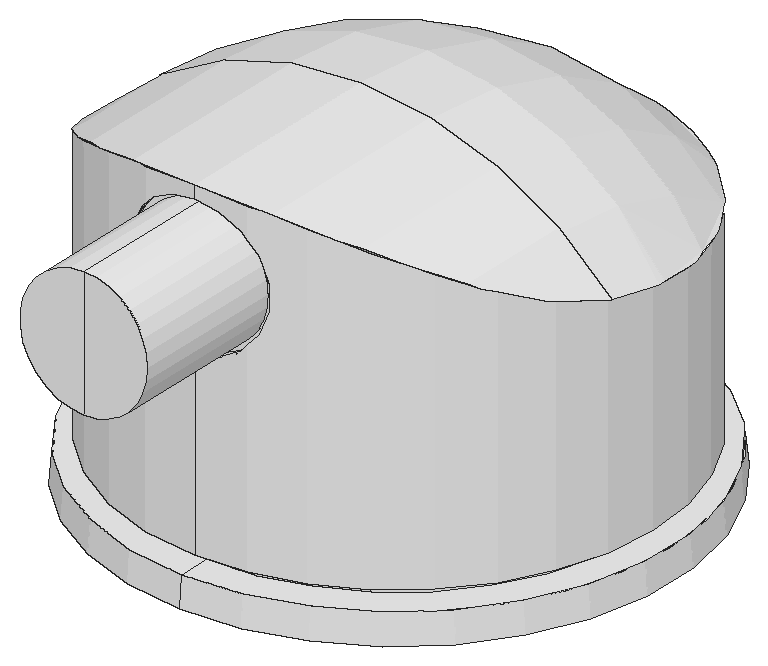
Revit family "Wall_Elbow-DXV-D35700035_Series", category Plumbing Fixtures, host Face, Revit 2014
Parameters (values of type "D35700035.100")
  Width = 1 7/8"  # constant formula
  Waste Connection = no
  Warranty Documentation Link = "https://www.dxv.com/-/media/files/dxv/warranty/dxv_warranty_booklet.ashx"
  WFU = 4  # constant formula
  Vent Connection = no
  URL = "https://www.dxv.com/"
  Type Comments = ""
  Tempered Water Connection Diameter = 1/2"  # constant formula
  Tempered Water Connection = yes
  Revised Date = "23/10/2017"  # constant formula
  Product Page URL = "https://www.dxv.com/product/round-wall-elbow-for-hand-showers-by-dxv"
  Product Documentation Link = "https://dxv01.blob.core.windows.net/dxv-product-pdf-files/spec_D35700035_DXV_rd_wall_elbow_EN.pdf"
  Price = "Prices may vary. Please consult Manufacturer Representative for most up-to-date price list."  # constant formula
  Model = "D35700035.100"
  Material = "Metal-DXV-100-Polished Chrome"
  Length = 2 7/16"  # constant formula
  Installation Type = "Wall Mounted"  # constant formula
  Height = 1 1/16"  # constant formula
  Finish = Metal-DXV-100-Polished Chrome
  Manufacturer = "DXV"  # constant formula
  HWFU = 3  # constant formula
  HW Connection = no
  Description = "Round Wall Elbow"  # constant formula
  Default Elevation = 54"  # constant formula
  Creation Date = "21/2/2014"  # constant formula
  CWFU = 3  # constant formula
  CW Connection = no
  Assembly Code = "D2010710"
Types (4): name | Model | Material | Finish
  (no name) | "D35700035.100" | "Metal-DXV-100-Polished Chrome" | Metal-DXV-100-Polished Chrome
  D35700035.100 | "D35700035.100" | "Metal-DXV-100-Polished Chrome" | Metal-DXV-100-Polished Chrome
  D35700035.144 | "D35700035.144" | "Metal-DXV-144-Brushed Nickel" | Metal-DXV-144-Brushed Nickel
  D35700035.150 | "D35700035.150" | "Metal-DXV-150-Platinum Nickel" | Metal-DXV-150-Platinum Nickel
Reference planes
  plane 1 "Center (Front/Back)": y = 0
  plane 2: z = 0
  plane 3 "Center (Left/Right)": x = 0
  plane 4: y = -36.513
  plane 5: z = 26.988
  plane 6: z = 32.941
  plane 7: z = 2.798
  plane 8: y = 25.4
  plane 9: x = -23.68
  plane 10: x = 23.945
  plane 11: z = 21.034
Forms (mm)
  Revolve 1, solid, material "Metal-DXV-100-Polished Chrome" <- "Finish"
    sketch origin (0, 844.162, -346.719) x (0, 1, 0) y (0, 0, 1)
      loop
        line (-844.162, 346.719) -> (-818.762, 346.719) -> (-818.999, 349.517) -> (-821.87, 349.517) -> (-821.87, 350.489) -> (-820.482, 350.489) -> (-820.482, 381.589) -> (-844.162, 381.589) -> (-844.162, 346.719)
      axis (-844.162, 381.589) -> (-844.162, 346.719)
    angle from 0 to 360
  Revolve 2, solid, material "Metal-DXV-100-Polished Chrome" <- "Finish"
    sketch origin (0, 844.162, -330.245) x (0, 1, 0) y (0, 0, 1)
      loop
        line (-852.077, 357.233) -> (-852.077, 363.186) -> (-880.675, 363.186) -> (-880.675, 357.233) -> (-852.077, 357.233)
      axis (-880.675, 357.233) -> (-852.077, 357.233)
    angle from 0 to 360
  Extrusion 3, solid
    sketch origin (133.35, -133.365, -1.588) x (1, 0, 0) y (0, 1, 0)
      loop
        circle (-133.35, 133.365) r 6.35
    from 0 to 1.588
  Extrusion 4, void
    sketch origin (0, -36.513, 26.987) x (0, 0, -1) y (-1, 0, 0)
      loop
        circle (0, 0) r 6.429
      loop
        circle (0, 0) r 5.725
    from 11.479 to 13.858
  Sweep 5, void
    path origin (0, 0, 4.763) x (0, 1, 0) y (0, 0, 1)
      loop
        line (-25.1, 30.039) -> (-4.33, 30.039)
        arc (-4.33, 30.039) -> (13.242, 25.931) -> (27.172, 14.459) r 39.637
    profile origin (0, -14.715, 34.802) x (0, 0, 1) y (1, 0, 0)
      loop
        line (10.887, 25.752) -> (-11.292, 25.752) -> (-11.292, 24.372)
        arc (-11.292, 24.372) -> (-0.243, 0.015) -> (-11.292, -24.342) r 32.371
        line (-11.292, -24.342) -> (-11.292, -25.641) -> (10.887, -25.641) -> (10.887, 25.752)
Cuts and joins
  Extrusion 4, Sweep 5 cuts Revolve 1
Lines and regions (mm)
  Masking region 1
    outline origin (0, 0, 0) x (1, 0, 0) y (0, 0, 1)
      loop
        line (25.4, 0) -> (25.156, 2.787) -> (22.285, 2.787) -> (22.285, 3.77) -> (23.68, 3.77) -> (23.68, 24.067)
        arc (23.68, 24.067) -> (0, 34.566) -> (-23.68, 24.067) r 31.954
        line (-23.68, 24.067) -> (-23.68, 3.77) -> (-22.282, 3.77) -> (-22.282, 2.797) -> (-25.155, 2.797) -> (-25.4, 0) -> (25.4, 0)
  symbolic lines, detail levels fine
    curve 1: line (22.285, 0, 2.787) -> (-22.296, 0, 2.787)
    curve 2: line (22.293, 0, 3.77) -> (-22.282, 0, 3.77)
  symbolic lines, detail levels medium+fine
    curve 3: line (0, 0, 22.866) -> (23.281, 0, 24.695)
    curve 4: line (-23.281, 0, 24.665) -> (0, 0, 22.866)
Dimensions and locks
  plane 1 "Center (Front/Back)" to plane 4 = 1 7/16"
  plane 7 to plane 5 = 0.95235"
  "Length": plane 8 to plane 4
  "Width": plane 9 to plane 10
  plane 6 to plane 11 = 15/32"
  "Height": plane 5 to host face
  aligned and locked: plane 2 to host face
  aligned and locked: level to host face
  aligned and locked: plane 11 to Revolve 2
  aligned and locked: host face to Masking region 1 sketch curve
Automatic sketch dimensions
  host sketch curve to host sketch curve = 96"  (x2)
  Revolve 1 sketch curve to plane 1 "Center (Front/Back)" = 0"  (x2)
  Revolve 1 sketch curve to level = 0"
  Revolve 1 sketch curve to plane 7 = 0"
  Revolve 1 sketch curve to plane 8 = 0"
  Revolve 1 sketch curve to plane 8 = 0.12234"
  Revolve 1 sketch curve to Revolve 1 sketch curve = 0.05462"
  Revolve 1 sketch curve to plane 8 = 0.00934"
  Revolve 1 sketch curve to plane 7 = 0.03829"
  plane 6 to Revolve 1 sketch curve = 0.07596"
  Revolve 1 sketch curve to Revolve 1 sketch curve = 0.60248"
  Revolve 1 sketch curve to Revolve 1 sketch curve = 1.3865"
  Revolve 2 sketch curve to plane 4 = 0"
  Revolve 2 sketch curve to plane 5 = 0"  (x2)
  Revolve 2 sketch curve to plane 6 = 0"
  plane 1 "Center (Front/Back)" to Revolve 2 sketch curve = 0.3116"
  plane 8 to Revolve 2 sketch curve = 0.86533"
  Revolve 2 sketch curve to Revolve 2 sketch curve = 1/2"
  plane 1 "Center (Front/Back)" to Extrusion 3 sketch curve = 0"
  Extrusion 3 sketch curve to plane 3 "Center (Left/Right)" = 0"
  plane 3 "Center (Left/Right)" to Sweep 5 sketch curve = 0.00058"
  profile plane to Sweep 5 sketch curve = 1.28403"
  profile plane to Sweep 5 sketch curve = 0.44457"  (x2)
  Sweep 5 sketch curve to profile plane = 0.42863"
  Sweep 5 sketch curve to plane 3 "Center (Left/Right)" = 0.95836"
  Sweep 5 sketch curve to Sweep 5 sketch curve = 0.05112"
  Sweep 5 sketch curve to Sweep 5 sketch curve = 0.05434"
  plane 1 "Center (Front/Back)" to Sweep 5 sketch curve = 0.17046"
  Sweep 5 sketch curve to level = 0.19035"
  Sweep 5 sketch curve to plane 4 = 0.44933"
  plane 8 to Sweep 5 sketch curve = 0.06976"
  plane 6 to Sweep 5 sketch curve = 0.07328"
  plane 9 to Masking region 1 sketch curve = 0"
  Masking region 1 sketch curve to plane 3 "Center (Left/Right)" = 0"
  plane 7 to Masking region 1 sketch curve = 0.00002"
  plane 9 to Masking region 1 sketch curve = 0.05808"
  Masking region 1 sketch curve to plane 9 = 0.05503"
  plane 7 to Masking region 1 sketch curve = 0.00043"
  plane 10 to Masking region 1 sketch curve = 0.06537"
  plane 10 to Masking region 1 sketch curve = 0.01043"
  Masking region 1 sketch curve to plane 10 = 0.04768"
  plane 7 to Masking region 1 sketch curve = 0.00733"
  Masking region 1 sketch curve to plane 7 = 0.03829"  (x2)
  plane 9 to Masking region 1 sketch curve = 0.06772"
  Masking region 1 sketch curve to plane 10 = 0.05728"
  plane 11 to Masking region 1 sketch curve = 0.11938"
  curve 3 to plane 3 "Center (Left/Right)" = 0"
  plane 11 to curve 4 = 0.0721"
  curve 2 to plane 9 = 0.05503"
  plane 7 to curve 1 = 0.00043"
  curve 1 to curve 2 = 0.00054"
  curve 4 to plane 9 = 0.01572"
  plane 10 to curve 1 = 0.06537"
  curve 1 to curve 2 = 0.00031"
  plane 10 to curve 3 = 0.02615"
  curve 2 to plane 7 = 0.03829"
  curve 4 to plane 5 = 0.09145"
  curve 3 to plane 5 = 0.09026"
  radius of Extrusion 3 sketch curve = 1/4"
  radius of Revolve 2 to Extrusion 4 sketch curve = 0.01875"
  radius of Extrusion 4 sketch curve to Revolve 2 = 0.00898"
Connectors
  piping at (0, 0, -1.588), diameter 12.7, driven by "Tempered Water Connection Diameter"
    settings: on Extrusion 3, index 2, connector inside diameter 1/2", connector length 0", flow factor 0, pipe flow 0 GPM, pressure drop 0.00 psi, fitting loss kfactor 0, connector angle 0.00°, fixture units 0, engagement length 0", angle of deflection 0.00°, flow configuration 0, flow direction 1, fitting loss method 0, system type 29, joint type 0, gender type 0, connector reference index -1, connector utility 0, adjustable connector no, is connector primary yes, connector description "1/2\" Global N.P.T Inlet"
  piping at (0, -36.513, 26.987), diameter 12.7, driven by "Tempered Water Connection Diameter"
    settings: on Revolve 2, index 3, connector inside diameter 24", connector length 0", flow factor 0, pipe flow 0 GPM, pressure drop 0.00 psi, fitting loss kfactor 0, connector angle 0.00°, fixture units 0, engagement length 0", angle of deflection 0.00°, flow configuration 0, flow direction 2, fitting loss method 0, system type 29, joint type 0, gender type 0, connector reference index -1, connector utility 0, adjustable connector no, is connector primary no, connector description "1/2\" Global NPSM Outlet"
